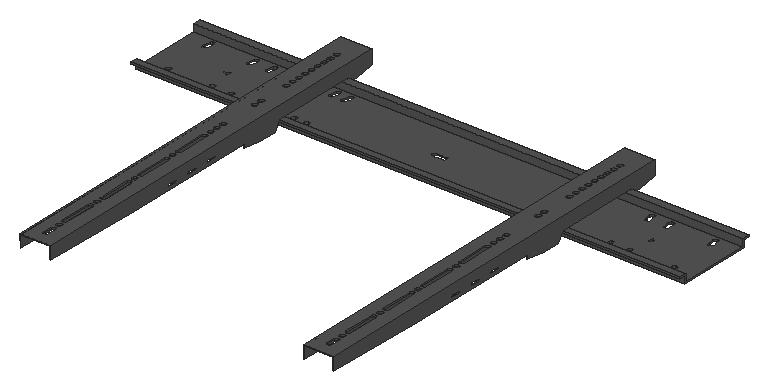
Revit family "Display_Mount-Wall-Vogels-PFW6800", category Specialty Equipment, host Face, Revit 2019
Family settings
  Host = Face
  Round Connector Dimension = Use Diameter
  Part Type = Normal
  Cut with Voids When Loaded = No
  Shared = No
  Room Calculation Point = No
Parameters (values of type "PFW 6800")
  Width = 34.25197"
  URL = "https://www.vogels.com/en-us/p/pfw-series-fixed-xl?product=3807"
  Rail Width = 5.37"  # constant formula
  Product Material = Metal - Painted - Vogels - Black
  Model = "PFW 6800"
  Minimum Screen Size Inches = 55.00"
  Maximum Weight Load = 100 kg
  Maximum Screen Size Inches = 80.00"
  Manufacturer = "Vogel´s"
  Height = 25.06084"
  Distance Between Strips [instance] = 17.69197"
  Description = "Display Wall Mount Fixed, Size L"
  Depth = 1.35"
  Default Elevation = 48.00"
Reference planes (in)
  plane 1 "Center (Front/Back)": y = 0
  plane 2: z = 0
  plane 3 "Center (Left/Right)": x = 0
  plane 4: x = -17.12598
  plane 5: x = 17.12598
  plane 6: x = -8.84598
  plane 7: x = 8.84598
  plane 8: y = 4.55523
  plane 9: y = -20.50562
  plane 10: z = 1.35
  plane 11: z = 0.25
  plane 12: z = 1.1
  plane 13: y = 2.685
  plane 14: y = -2.685
Forms (in)
  Extrusion 1, solid, material "Metal - Painted - Vogels - Black" <- "Product Material"
    sketch origin (0, 0, 0) x (0, 1, 0) y (0, 0, 1)
      loop
        line (-2.30114, 0) -> (2.30114, 0) -> (2.30114, 0.47244) -> (2.685, 0.47244) -> (2.685, 0.55118) -> (2.2224, 0.55118) -> (2.2224, 0.07874) -> (-2.2224, 0.07874) -> (-2.2224, 0.55118) -> (-2.685, 0.55118) -> (-2.685, 0.47244) -> (-2.30114, 0.47244) -> (-2.30114, 0)
    from -17.12598 to 17.12598
  Extrusion 2, solid, material "Metal - Painted - Vogels - Black" <- "Product Material"
    sketch origin (0, 0, 0) x (1, 0, 0) y (0, 0, 1)
      loop
        line (-7.88929, 1.35) -> (-9.80268, 1.35) -> (-9.80268, 0) -> (-9.74362, 0) -> (-9.74362, 1.29293) -> (-7.94835, 1.29293) -> (-7.94835, 0) -> (-7.88929, 0) -> (-7.88929, 1.35)
      loop
        line (7.88929, 1.35199) -> (7.88929, 0) -> (7.94835, 0) -> (7.94835, 1.29293) -> (9.74362, 1.29293) -> (9.74362, 0) -> (9.80268, 0) -> (9.80268, 1.35199) -> (7.88929, 1.35199)
    from -4.55523 to 20.50562
  Extrusion 3, void
    sketch origin (0, 0, 0) x (0, 1, 0) y (0, 0, 1)
      loop
        line (4.55523, -0.26625) -> (4.55523, 0.49427) -> (3.35321, 0.28107) -> (2.42627, 0.28107) -> (2.42627, 0.47244) -> (2.685, 0.47244) -> (2.685, 0.58033) -> (-2.685, 0.58033) -> (-3.02006, 0) -> (-4.23462, 0.04241) -> (-5.36406, 0.18109) -> (-5.36406, 0.40711) -> (-14.17656, 0.40711) -> (-20.50562, 0.56854) -> (-20.50562, -0.26625) -> (4.55523, -0.26625)
    from -17.12598 to 17.12598
  Sweep 4, void
    path origin (0, 0, -1) x (0, 1, 0) y (0, 0, 1)
      loop
        line (0, 1.25) -> (0, 1)
    profile origin (0, 0, 0.125) x (1, 0, 0) y (0, 1, 0)
      loop
        line (-12.81509, -1.81564) -> (-12.88831, -1.43189)
        arc (-12.88831, -1.43189) -> (-13.07333, -1.30465) -> (-13.20262, -1.48825) r 0.15967
        line (-13.20262, -1.48825) -> (-13.12806, -1.87901)
        arc (-13.12806, -1.87901) -> (-12.93953, -2.00558) -> (-12.81509, -1.81564) r 0.15967
      loop
        line (-7.68834, -1.81568) -> (-7.76931, -1.43013)
        arc (-7.76931, -1.43013) -> (-7.95884, -1.30678) -> (-8.08164, -1.49666) r 0.15967
        line (-8.08164, -1.49666) -> (-8.00081, -1.88159)
        arc (-8.00081, -1.88159) -> (-7.81159, -2.00501) -> (-7.68834, -1.81568) r 0.15967
      loop
        line (-13.52311, 0) -> (-13.20747, -0.15782) -> (-13.20747, 0.15782) -> (-13.52311, 0)
      loop
        arc (-0.29591, 0.15979) -> (-0.4557, 0) -> (-0.29591, -0.15979) r 0.15979
        line (-0.29591, -0.15979) -> (0.29591, -0.15979)
        arc (0.29591, -0.15979) -> (0.4557, 0) -> (0.29591, 0.15979) r 0.15979
        line (0.29591, 0.15979) -> (-0.29591, 0.15979)
      loop
        arc (-6.98585, -1.42761) -> (-7.17775, -1.30842) -> (-7.29678, -1.50041) r 0.15967
        line (-7.29678, -1.50041) -> (-7.20725, -1.88411)
        arc (-7.20725, -1.88411) -> (-7.01537, -2.0033) -> (-6.89631, -1.81133) r 0.15967
        line (-6.89631, -1.81133) -> (-6.98585, -1.42761)
      loop
        arc (-11.9453, -1.87901) -> (-11.75678, -2.00558) -> (-11.63233, -1.81564) r 0.15967
        line (-11.63233, -1.81564) -> (-11.70555, -1.43189)
        arc (-11.70555, -1.43189) -> (-11.89057, -1.30465) -> (-12.01986, -1.48825) r 0.15967
        line (-12.01986, -1.48825) -> (-11.9453, -1.87901)
      loop
        arc (-15.88783, -1.87901) -> (-15.70105, -2.00592) -> (-15.57415, -1.81912) r 0.15967
        line (-15.57415, -1.81912) -> (-15.64745, -1.43539)
        arc (-15.64745, -1.43539) -> (-15.83135, -1.30435) -> (-15.96239, -1.48825) r 0.15967
        line (-15.96239, -1.48825) -> (-15.88783, -1.87901)
      loop
        arc (-12.81509, 1.81564) -> (-12.93953, 2.00558) -> (-13.12806, 1.87901) r 0.15967
        line (-13.12806, 1.87901) -> (-13.20262, 1.48825)
        arc (-13.20262, 1.48825) -> (-13.07333, 1.30465) -> (-12.88831, 1.43189) r 0.15967
        line (-12.88831, 1.43189) -> (-12.81509, 1.81564)
      loop
        arc (-7.68834, 1.81568) -> (-7.81159, 2.00501) -> (-8.00081, 1.88159) r 0.15967
        line (-8.00081, 1.88159) -> (-8.08164, 1.49666)
        arc (-8.08164, 1.49666) -> (-7.95884, 1.30678) -> (-7.76931, 1.43013) r 0.15967
        line (-7.76931, 1.43013) -> (-7.68834, 1.81568)
      loop
        line (-6.98585, 1.42761) -> (-6.89631, 1.81133)
        arc (-6.89631, 1.81133) -> (-7.01537, 2.0033) -> (-7.20725, 1.88411) r 0.15967
        line (-7.20725, 1.88411) -> (-7.29678, 1.50041)
        arc (-7.29678, 1.50041) -> (-7.17775, 1.30842) -> (-6.98585, 1.42761) r 0.15967
      loop
        line (-11.9453, 1.87901) -> (-12.01986, 1.48825)
        arc (-12.01986, 1.48825) -> (-11.89057, 1.30465) -> (-11.70555, 1.43189) r 0.15967
        line (-11.70555, 1.43189) -> (-11.63233, 1.81564)
        arc (-11.63233, 1.81564) -> (-11.75678, 2.00558) -> (-11.9453, 1.87901) r 0.15967
      loop
        line (-15.88783, 1.87901) -> (-15.96239, 1.48825)
        arc (-15.96239, 1.48825) -> (-15.83135, 1.30435) -> (-15.64745, 1.43539) r 0.15967
        line (-15.64745, 1.43539) -> (-15.57415, 1.81912)
        arc (-15.57415, 1.81912) -> (-15.70105, 2.00592) -> (-15.88783, 1.87901) r 0.15967
      loop
        arc (12.81509, -1.81564) -> (12.93953, -2.00558) -> (13.12806, -1.87901) r 0.15967
        line (13.12806, -1.87901) -> (13.20262, -1.48825)
        arc (13.20262, -1.48825) -> (13.07333, -1.30465) -> (12.88831, -1.43189) r 0.15967
        line (12.88831, -1.43189) -> (12.81509, -1.81564)
      loop
        arc (7.68834, -1.81568) -> (7.81159, -2.00501) -> (8.00081, -1.88159) r 0.15967
        line (8.00081, -1.88159) -> (8.08164, -1.49666)
        arc (8.08164, -1.49666) -> (7.95884, -1.30678) -> (7.76931, -1.43013) r 0.15967
        line (7.76931, -1.43013) -> (7.68834, -1.81568)
      loop
        line (13.52311, 0) -> (13.20747, 0.15782) -> (13.20747, -0.15782) -> (13.52311, 0)
      loop
        line (6.98585, -1.42761) -> (6.89631, -1.81133)
        arc (6.89631, -1.81133) -> (7.01537, -2.0033) -> (7.20725, -1.88411) r 0.15967
        line (7.20725, -1.88411) -> (7.29678, -1.50041)
        arc (7.29678, -1.50041) -> (7.17775, -1.30842) -> (6.98585, -1.42761) r 0.15967
      loop
        line (11.9453, -1.87901) -> (12.01986, -1.48825)
        arc (12.01986, -1.48825) -> (11.89057, -1.30465) -> (11.70555, -1.43189) r 0.15967
        line (11.70555, -1.43189) -> (11.63233, -1.81564)
        arc (11.63233, -1.81564) -> (11.75678, -2.00558) -> (11.9453, -1.87901) r 0.15967
      loop
        line (15.88783, -1.87901) -> (15.96239, -1.48825)
        arc (15.96239, -1.48825) -> (15.83135, -1.30435) -> (15.64745, -1.43539) r 0.15967
        line (15.64745, -1.43539) -> (15.57415, -1.81912)
        arc (15.57415, -1.81912) -> (15.70105, -2.00592) -> (15.88783, -1.87901) r 0.15967
      loop
        line (12.81509, 1.81564) -> (12.88831, 1.43189)
        arc (12.88831, 1.43189) -> (13.07333, 1.30465) -> (13.20262, 1.48825) r 0.15967
        line (13.20262, 1.48825) -> (13.12806, 1.87901)
        arc (13.12806, 1.87901) -> (12.93953, 2.00558) -> (12.81509, 1.81564) r 0.15967
      loop
        line (7.68834, 1.81568) -> (7.76931, 1.43013)
        arc (7.76931, 1.43013) -> (7.95884, 1.30678) -> (8.08164, 1.49666) r 0.15967
        line (8.08164, 1.49666) -> (8.00081, 1.88159)
        arc (8.00081, 1.88159) -> (7.81159, 2.00501) -> (7.68834, 1.81568) r 0.15967
      loop
        arc (6.98585, 1.42761) -> (7.17775, 1.30842) -> (7.29678, 1.50041) r 0.15967
        line (7.29678, 1.50041) -> (7.20725, 1.88411)
        arc (7.20725, 1.88411) -> (7.01537, 2.0033) -> (6.89631, 1.81133) r 0.15967
        line (6.89631, 1.81133) -> (6.98585, 1.42761)
      loop
        arc (11.9453, 1.87901) -> (11.75678, 2.00558) -> (11.63233, 1.81564) r 0.15967
        line (11.63233, 1.81564) -> (11.70555, 1.43189)
        arc (11.70555, 1.43189) -> (11.89057, 1.30465) -> (12.01986, 1.48825) r 0.15967
        line (12.01986, 1.48825) -> (11.9453, 1.87901)
      loop
        arc (15.88783, 1.87901) -> (15.70105, 2.00592) -> (15.57415, 1.81912) r 0.15967
        line (15.57415, 1.81912) -> (15.64745, 1.43539)
        arc (15.64745, 1.43539) -> (15.83135, 1.30435) -> (15.96239, 1.48825) r 0.15967
        line (15.96239, 1.48825) -> (15.88783, 1.87901)
  Sweep 5, void
    path origin (0, 0, 1) x (0, 1, 0) y (0, 0, 1)
      loop
        line (0, 0.35) -> (0, 0.1)
    profile origin (0, 0, 1.225) x (1, 0, 0) y (0, 1, 0)
      loop
        circle (-8.84598, 2.5287) r 0.16164
      loop
        circle (-8.84598, 2.03591) r 0.16164
      loop
        circle (-8.84598, 1.05032) r 0.16164
      loop
        circle (-8.84598, 1.54312) r 0.16164
      loop
        circle (-8.84598, 0.55753) r 0.16164
      loop
        circle (-8.84598, 0.06474) r 0.16164
      loop
        circle (-8.84598, -0.42806) r 0.16164
      loop
        circle (-8.84598, -0.92085) r 0.16164
      loop
        circle (-8.84598, -2.89202) r 0.16164
      loop
        circle (-8.84598, -5.84878) r 0.16164
      loop
        circle (-8.84598, -9.79113) r 0.16164
      loop
        circle (-8.84598, -12.74789) r 0.16164
      loop
        circle (-8.84598, -15.70465) r 0.16164
      loop
        line (-8.6869, -15.24048) -> (-8.6869, -13.21205)
        arc (-8.6869, -13.21205) -> (-8.83836, -13.07922) -> (-9.00167, -13.19719) r 0.16164
        line (-9.00167, -13.19719) -> (-9.00167, -15.25535)
        arc (-9.00167, -15.25535) -> (-8.83836, -15.37331) -> (-8.6869, -15.24048) r 0.16164
      loop
        line (-8.68434, -12.25509) -> (-8.68434, -10.28393)
        arc (-8.68434, -10.28393) -> (-8.84598, -10.12228) -> (-9.00763, -10.28393) r 0.16164
        line (-9.00763, -10.28393) -> (-9.00763, -12.25509)
        arc (-9.00763, -12.25509) -> (-8.84598, -12.41673) -> (-8.68434, -12.25509) r 0.16164
      loop
        line (-8.68434, -9.29833) -> (-8.68434, -7.32717)
        arc (-8.68434, -7.32717) -> (-8.84598, -7.16552) -> (-9.00763, -7.32717) r 0.16164
        line (-9.00763, -7.32717) -> (-9.00763, -9.29833)
        arc (-9.00763, -9.29833) -> (-8.84598, -9.45997) -> (-8.68434, -9.29833) r 0.16164
      loop
        line (-8.68434, -18.16861) -> (-8.68434, -16.19744)
        arc (-8.68434, -16.19744) -> (-8.84598, -16.0358) -> (-9.00763, -16.19744) r 0.16164
        line (-9.00763, -16.19744) -> (-9.00763, -18.16861)
        arc (-9.00763, -18.16861) -> (-8.84598, -18.33025) -> (-8.68434, -18.16861) r 0.16164
      loop
        circle (-8.84598, 3.02149) r 0.16164
      loop
        circle (-8.84598, -3.38482) r 0.16164
      loop
        line (-8.68434, -19.64699) -> (-8.68434, -19.1542)
        arc (-8.68434, -19.1542) -> (-8.84598, -18.99256) -> (-9.00763, -19.1542) r 0.16164
        line (-9.00763, -19.1542) -> (-9.00763, -19.64699)
        arc (-9.00763, -19.64699) -> (-8.84598, -19.80863) -> (-8.68434, -19.64699) r 0.16164
      loop
        circle (-8.84598, -18.6614) r 0.16164
      loop
        circle (-8.84598, -6.34157) r 0.16164
      loop
        circle (-8.84598, -6.83437) r 0.16164
      loop
        circle (8.84598, 2.5287) r 0.16164
      loop
        circle (8.84598, 2.03591) r 0.16164
      loop
        circle (8.84598, 1.05032) r 0.16164
      loop
        circle (8.84598, 1.54312) r 0.16164
      loop
        circle (8.84598, 0.55753) r 0.16164
      loop
        circle (8.84598, 0.06474) r 0.16164
      loop
        circle (8.84598, -0.42806) r 0.16164
      loop
        circle (8.84598, -0.92085) r 0.16164
      loop
        circle (8.84598, -2.89202) r 0.16164
      loop
        circle (8.84598, -5.84878) r 0.16164
      loop
        circle (8.84598, -9.79113) r 0.16164
      loop
        circle (8.84598, -12.74789) r 0.16164
      loop
        circle (8.84598, -15.70465) r 0.16164
      loop
        arc (8.6869, -15.24048) -> (8.83836, -15.37331) -> (9.00167, -15.25535) r 0.16164
        line (9.00167, -15.25535) -> (9.00167, -13.19719)
        arc (9.00167, -13.19719) -> (8.83836, -13.07922) -> (8.6869, -13.21205) r 0.16164
        line (8.6869, -13.21205) -> (8.6869, -15.24048)
      loop
        arc (8.68434, -12.25509) -> (8.84598, -12.41673) -> (9.00763, -12.25509) r 0.16164
        line (9.00763, -12.25509) -> (9.00763, -10.28393)
        arc (9.00763, -10.28393) -> (8.84598, -10.12228) -> (8.68434, -10.28393) r 0.16164
        line (8.68434, -10.28393) -> (8.68434, -12.25509)
      loop
        arc (8.68434, -9.29833) -> (8.84598, -9.45997) -> (9.00763, -9.29833) r 0.16164
        line (9.00763, -9.29833) -> (9.00763, -7.32717)
        arc (9.00763, -7.32717) -> (8.84598, -7.16552) -> (8.68434, -7.32717) r 0.16164
        line (8.68434, -7.32717) -> (8.68434, -9.29833)
      loop
        arc (8.68434, -18.16861) -> (8.84598, -18.33025) -> (9.00763, -18.16861) r 0.16164
        line (9.00763, -18.16861) -> (9.00763, -16.19744)
        arc (9.00763, -16.19744) -> (8.84598, -16.0358) -> (8.68434, -16.19744) r 0.16164
        line (8.68434, -16.19744) -> (8.68434, -18.16861)
      loop
        circle (8.84598, 3.02149) r 0.16164
      loop
        circle (8.84598, -3.38482) r 0.16164
      loop
        arc (8.68434, -19.64699) -> (8.84598, -19.80863) -> (9.00763, -19.64699) r 0.16164
        line (9.00763, -19.64699) -> (9.00763, -19.1542)
        arc (9.00763, -19.1542) -> (8.84598, -18.99256) -> (8.68434, -19.1542) r 0.16164
        line (8.68434, -19.1542) -> (8.68434, -19.64699)
      loop
        circle (8.84598, -18.6614) r 0.16164
      loop
        circle (8.84598, -6.34157) r 0.16164
      loop
        circle (8.84598, -6.83437) r 0.16164
  Sweep 6, void
    path origin (-4.74803, 0, 0) x (1, 0, 0) y (0, 1, 0)
      loop
        line (21.87402, 0) -> (-12.37795, 0)
    profile origin (0, 0, 0) x (0, -1, 0) y (0, 0, 1)
      loop
        line (7.67393, 0.60653) -> (8.26443, 0.60653)
        arc (8.26443, 0.60653) -> (8.34317, 0.68527) -> (8.26443, 0.76401) r 0.07874
        line (8.26443, 0.76401) -> (7.67396, 0.76401)
        arc (7.67396, 0.76401) -> (7.59514, 0.68528) -> (7.67393, 0.60653) r 0.07874
      loop
        line (9.20938, 0.60653) -> (9.79987, 0.60653)
        arc (9.79987, 0.60653) -> (9.87861, 0.68527) -> (9.79987, 0.76401) r 0.07874
        line (9.79987, 0.76401) -> (9.20938, 0.76401)
        arc (9.20938, 0.76401) -> (9.13058, 0.68527) -> (9.20938, 0.60653) r 0.07874
      loop
        line (10.74475, 0.60653) -> (11.33535, 0.60653)
        arc (11.33535, 0.60653) -> (11.41404, 0.68534) -> (11.33523, 0.76401) r 0.07874
        line (11.33523, 0.76401) -> (10.74475, 0.76401)
        arc (10.74475, 0.76401) -> (10.66601, 0.68527) -> (10.74475, 0.60653) r 0.07874
Cuts and joins
  Extrusion 3, Sweep 5, Sweep 6 cuts Extrusion 2
  Sweep 4 cuts Extrusion 1
Dimensions and locks (in)
  equal spacing: plane 4, plane 3 "Center (Left/Right)", plane 5
  "Width": plane 4 to plane 5
  Extrusion 2 sketch curve to Extrusion 2 sketch curve to plane 6 to Extrusion 2 sketch curve to Extrusion 2 sketch curve = 0.05906" locked, 0.89764" locked, 0.89764" locked, 0.05906" locked
  Extrusion 2 sketch curve to Extrusion 2 sketch curve to plane 7 to Extrusion 2 sketch curve to Extrusion 2 sketch curve = 0.05906" locked, 0.89764" locked, 0.89764" locked, 0.05906" locked
  "Height": plane 8 to plane 9
  locked: plane 8 to plane 1 "Center (Front/Back)" at 4.55523
  "Depth": plane 10 to plane 2
  locked: plane 10 to Extrusion 2 sketch curve at 0.05707  (x2)
  cut or joined group of Extrusion 1, Sweep 4 to cut or joined group of Extrusion 1, Sweep 4 = 5.37"
  equal spacing: plane 13, plane 1 "Center (Front/Back)", plane 14
  "Rail Width": plane 13 to plane 14
  locked: plane 13 to Extrusion 1 sketch curve at 0.4626
  locked: Extrusion 1 sketch curve to plane 14 at 0.4626
  locked: plane 13 to cut or joined group of Extrusion 2, Extrusion 3, Sweep 5, Sweep 6 at 0.25873
  locked: Extrusion 3 sketch curve to plane 2 at 0.58033
  Sweep 6 sketch curve to Sweep 6 sketch curve to Sweep 6 sketch curve to Sweep 6 sketch curve to Sweep 6 sketch curve to Sweep 6 sketch curve = 0.00", 0.00" locked, 0.15748", 0.00", 0.00" locked
  equal spacing: plane 6, plane 3 "Center (Left/Right)", plane 7
  "Distance Between Strips": plane 6 to plane 7
  locked: plane 14 to Extrusion 3 sketch curve (angle 30.00°)
  aligned and locked: plane 2 to host face
  aligned and locked: level to host face
  aligned and locked: Extrusion 1 to plane 4
  aligned and locked: Extrusion 1 to plane 5
  aligned and locked: plane 8 to Extrusion 2
  aligned and locked: Extrusion 3 to plane 4
  aligned and locked: cut or joined group of Extrusion 2, Extrusion 3, Sweep 5, Sweep 6 to plane 9
  aligned and locked: plane 10 to Extrusion 2 sketch curve
  aligned and locked: Extrusion 3 to plane 5
  aligned and locked: plane 11 to Sweep 4 sketch curve
  aligned and locked: plane 12 to Sweep 5 sketch curve
  aligned and locked: Sweep 4 sketch curve to plane 1 "Center (Front/Back)"
  aligned and locked: Sweep 5 sketch curve to plane 1 "Center (Front/Back)"
  aligned and locked: plane 6 to Sweep 5 sketch curve  (x28)
  aligned and locked: plane 7 to Sweep 5 sketch curve  (x28)
  aligned and locked: Extrusion 1 sketch curve to plane 13
  aligned and locked: plane 14 to Extrusion 1 sketch curve
  aligned and locked: Extrusion 3 sketch curve to plane 13
  aligned and locked: plane 14 to Extrusion 3 sketch curve
  aligned and locked: plane 5 to Sweep 6 sketch curve
Automatic sketch dimensions
  host sketch curve to host sketch curve = 96.00"  (x2)
  Extrusion 1 sketch curve to level = 0.00"
  Extrusion 1 sketch curve to Extrusion 1 sketch curve = 0.07874"  (x4)
  level to Extrusion 1 sketch curve = 0.07874"
  Extrusion 1 sketch curve to Extrusion 1 sketch curve = 0.3937"
  level to Extrusion 1 sketch curve = 0.47244"
  Extrusion 2 sketch curve to level = 0.00"  (x4)
  plane 10 to Extrusion 2 sketch curve = 0.00199"
  Extrusion 3 sketch curve to plane 9 = 0.00"
  Extrusion 3 sketch curve to level = 0.00"
  Extrusion 3 sketch curve to plane 8 = 0.00"
  level to Extrusion 3 sketch curve = 0.40711"
  plane 9 to Extrusion 3 sketch curve = 6.32906"
  level to Extrusion 3 sketch curve = 0.18109"
  Extrusion 3 sketch curve to Extrusion 3 sketch curve = 2.344"
  level to Extrusion 3 sketch curve = 0.04241"
  Extrusion 3 sketch curve to Extrusion 3 sketch curve = 1.12943"
  plane 13 to Extrusion 3 sketch curve = 0.25873"
  level to Extrusion 3 sketch curve = 0.28107"
  Extrusion 3 sketch curve to plane 13 = 0.66821"
  Extrusion 3 sketch curve to level = 0.26625"
  Extrusion 3 sketch curve to Extrusion 3 sketch curve = 0.19137"
  level to Extrusion 3 sketch curve = 0.49427"
  level to Extrusion 3 sketch curve = 0.56854"
  profile plane to Sweep 4 sketch curve = 0.00"  (x3)
  profile plane to Sweep 4 sketch curve = 1.48825"  (x6)
  Sweep 4 sketch curve to plane 3 "Center (Left/Right)" = 15.96239"
  Sweep 4 sketch curve to profile plane = 1.48825"  (x6)
  Sweep 4 sketch curve to Sweep 4 sketch curve = 0.00"  (x3)
  profile plane to Sweep 4 sketch curve = 1.87901"  (x6)
  Sweep 4 sketch curve to Sweep 4 sketch curve = 0.07456"  (x6)
  Sweep 4 sketch curve to profile plane = 1.87901"  (x6)
  Sweep 4 sketch curve to Sweep 4 sketch curve = 0.15747"  (x16)
  Sweep 4 sketch curve to Sweep 4 sketch curve = 0.15684"  (x24)
  profile plane to Sweep 4 sketch curve = 1.43539"  (x2)
  Sweep 4 sketch curve to profile plane = 1.43539"  (x2)
  profile plane to Sweep 4 sketch curve = 1.81912"  (x2)
  Sweep 4 sketch curve to profile plane = 1.81912"  (x2)
  Sweep 4 sketch curve to Sweep 4 sketch curve = 2.12434"
  profile plane to Sweep 4 sketch curve = 0.15782"  (x2)
  Sweep 4 sketch curve to Sweep 4 sketch curve = 0.31564"  (x2)
  Sweep 4 sketch curve to Sweep 4 sketch curve = 0.00485"  (x2)
  profile plane to Sweep 4 sketch curve = 1.43189"  (x4)
  Sweep 4 sketch curve to profile plane = 1.43189"  (x4)
  profile plane to Sweep 4 sketch curve = 1.81564"  (x4)
  Sweep 4 sketch curve to Sweep 4 sketch curve = 0.15613"  (x8)
  Sweep 4 sketch curve to profile plane = 1.81564"  (x4)
  Sweep 4 sketch curve to Sweep 4 sketch curve = 0.79523"  (x4)
  Sweep 4 sketch curve to profile plane = 1.49666"  (x2)
  Sweep 4 sketch curve to Sweep 4 sketch curve = 3.55068"  (x3)
  profile plane to Sweep 4 sketch curve = 1.49666"  (x2)
  Sweep 4 sketch curve to profile plane = 1.88159"  (x2)
  Sweep 4 sketch curve to Sweep 4 sketch curve = 0.08083"  (x2)
  profile plane to Sweep 4 sketch curve = 1.88159"  (x2)
  Sweep 4 sketch curve to Sweep 4 sketch curve = 0.15607"  (x4)
  Sweep 4 sketch curve to Sweep 4 sketch curve = 0.15626"  (x8)
  Sweep 4 sketch curve to profile plane = 1.43013"  (x2)
  profile plane to Sweep 4 sketch curve = 1.43013"  (x2)
  profile plane to Sweep 4 sketch curve = 1.81568"  (x2)
  Sweep 4 sketch curve to Sweep 4 sketch curve = 0.1562"  (x4)
  Sweep 4 sketch curve to profile plane = 1.81568"  (x2)
  profile plane to Sweep 4 sketch curve = 1.50041"  (x2)
  Sweep 4 sketch curve to Sweep 4 sketch curve = 0.47252"  (x2)
  Sweep 4 sketch curve to profile plane = 1.50041"  (x2)
  Sweep 4 sketch curve to profile plane = 1.88411"  (x2)
  Sweep 4 sketch curve to Sweep 4 sketch curve = 0.08953"  (x2)
  profile plane to Sweep 4 sketch curve = 1.88411"  (x2)
  Sweep 4 sketch curve to Sweep 4 sketch curve = 0.15544"  (x4)
  Sweep 4 sketch curve to Sweep 4 sketch curve = 0.1555"  (x8)
  Sweep 4 sketch curve to profile plane = 1.42761"  (x2)
  profile plane to Sweep 4 sketch curve = 1.42761"  (x2)
  Sweep 4 sketch curve to profile plane = 1.81133"  (x2)
  Sweep 4 sketch curve to Sweep 4 sketch curve = 0.15545"  (x4)
  profile plane to Sweep 4 sketch curve = 1.81133"  (x2)
  Sweep 4 sketch curve to plane 3 "Center (Left/Right)" = 0.29591"
  plane 3 "Center (Left/Right)" to Sweep 4 sketch curve = 0.29591"
  Sweep 4 sketch curve to Sweep 4 sketch curve = 6.6004"
  Sweep 4 sketch curve to Sweep 4 sketch curve = 0.08954"  (x2)
  Sweep 4 sketch curve to Sweep 4 sketch curve = 0.48109"  (x2)
  Sweep 4 sketch curve to Sweep 4 sketch curve = 0.08097"  (x2)
  Sweep 4 sketch curve to Sweep 4 sketch curve = 0.07322"  (x4)
  Sweep 4 sketch curve to profile plane = 0.15782"  (x2)
  Sweep 4 sketch curve to Sweep 4 sketch curve = 0.31917"
  Sweep 4 sketch curve to Sweep 4 sketch curve = 2.37153"  (x2)
  Sweep 4 sketch curve to Sweep 4 sketch curve = 0.0733"  (x2)
  profile plane to Sweep 4 sketch curve = 0.15979"
  Sweep 5 sketch curve to Sweep 5 sketch curve = 0.15568"  (x2)
  Sweep 5 sketch curve to Sweep 5 sketch curve = 0.16164"  (x8)
  Sweep 5 sketch curve to Sweep 5 sketch curve = 0.15909"  (x2)
  profile plane to Sweep 5 sketch curve = 19.64699"
  Sweep 5 sketch curve to Sweep 5 sketch curve = 0.00"  (x21)
  Sweep 5 sketch curve to Sweep 5 sketch curve = 0.49278"  (x2)
  Sweep 5 sketch curve to Sweep 5 sketch curve = 0.4928"  (x14)
  Sweep 5 sketch curve to Sweep 5 sketch curve = 1.97116"  (x8)
  Sweep 5 sketch curve to Sweep 5 sketch curve = 0.4493"  (x4)
  Sweep 5 sketch curve to Sweep 5 sketch curve = 0.01486"  (x2)
  Sweep 5 sketch curve to Sweep 5 sketch curve = 0.02863"  (x2)
  Sweep 5 sketch curve to Sweep 5 sketch curve = 0.49279"  (x18)
  Sweep 5 sketch curve to Sweep 5 sketch curve = 2.46397"  (x2)
  profile plane to Sweep 5 sketch curve = 0.92085"  (x2)
  profile plane to Sweep 5 sketch curve = 0.42806"  (x2)
  Sweep 5 sketch curve to profile plane = 0.06474"  (x2)
  Sweep 5 sketch curve to Sweep 5 sketch curve = 0.00024"  (x2)
  Sweep 5 sketch curve to Sweep 5 sketch curve = 0.00031"  (x4)
  Sweep 6 sketch curve to profile plane = 7.67393"
  Sweep 6 sketch curve to Sweep 6 sketch curve = 0.00005"  (x2)
  Sweep 6 sketch curve to Sweep 6 sketch curve = 0.00007"  (x3)
  Sweep 6 sketch curve to Sweep 6 sketch curve = 0.5905"
  Sweep 6 sketch curve to Sweep 6 sketch curve = 0.00"  (x6)
  Sweep 6 sketch curve to Sweep 6 sketch curve = 0.07874"  (x2)
  Sweep 6 sketch curve to Sweep 6 sketch curve = 0.94495"
  Sweep 6 sketch curve to Sweep 6 sketch curve = 0.00006"
  Sweep 6 sketch curve to Sweep 6 sketch curve = 0.59049"
  Sweep 6 sketch curve to Sweep 6 sketch curve = 0.94488"
  Sweep 6 sketch curve to Sweep 6 sketch curve = 0.59055"
  plane 1 "Center (Front/Back)" to Sweep 6 sketch curve = 0.00"
  Sweep 6 sketch curve to plane 4 = 0.00"
  Sweep 5 sketch curve to plane 10 = 0.00"
  Sweep 4 sketch curve to level = 0.00"
  radius of Sweep 5 sketch curve = 0.16164"  (x36)
